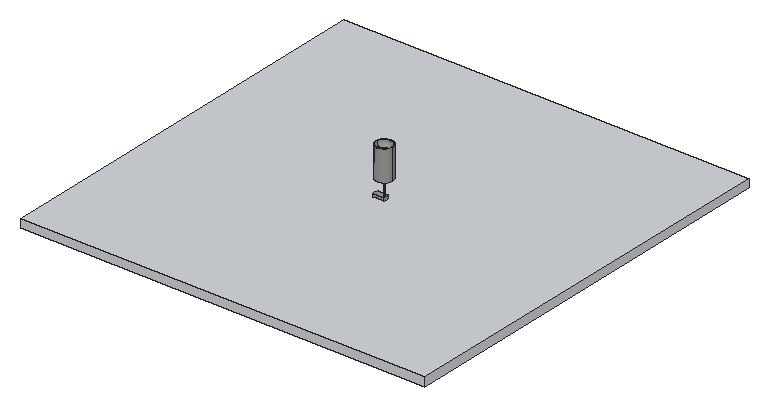
Revit family "LAMP_KOMBIC 100 SURFACE SUSPENDED TRACK 2500 CRI80 OPAL DALI", category Luminarias, Revit 2018
Family settings
  Anfitrión = Cara
  Cota de conector redondo = Diámetro de uso
  Tipo de pieza = Normal
  Corte con vacíos al cargar = No
  Origen de luz = Sí
  Compartido = No
  Punto de cálculo de habitación = No
Parameters (values of type "1867LM 3000K  M/B")
  Ángulo de inclinación = -90.00°
  Weight = 0.498 kg
  UGR = ""
  Type = "COB PHILIPS"
  Protection rating = "IP40"
  Product datasheet = "http://www.lamp.es/product-files/TECH/K11ST2540OP830NMB-EN.pdf"
  Product code = "K11ST2540OP830DMB"
  Product URL = "https://www.lamp.es/en/family/kombic-surface_474354"
  Power Supply = "220-240V 50/60Hz"
  Power = 17 W
  Plum = 20.4 W
  Modelo = Product code  # "K11ST2540OP830DMB"
  Model explanation = "Possibility to modify the lenght of the suspension cable up to 1m"
  Material reflector = LAMP_PC Reflector Kombic Metalizado Mate
  Material floron = LAMP_Plástico genérico NG
  Material difusor = LAMP_PMMA Difusor Kombic
  Material cuerpo = LAMP_Plástico genérico NG
  Material cable suspension = LAMP_Acero genérico
  Manufacturer name = "LAMP"
  Manufacturer country = "Spain"
  Manufacturer URL = "http://www.lamp.es/en"
  MacAdam = "3"
  Luminaire type = "Track"
  Last update = "28/07/2021"
  Lamp = "COB LED"
  LED Lifetime = "50.000 L80 B10"
  Insulation class = "I"
  Installation instructions = "https://www.lamp.es/product-files/packed/by-family/474354_INS_all.zip"
  IEE = "A+"
  Wattage = 20.4 W
  built-in parameter 1150107 = 3000 (stored number, unit not read)
  built-in parameter 1150110 = 1 (stored number, unit not read)
  built-in parameter 1150109 = 1 (stored number, unit not read)
  built-in parameter 1150112 = 1 (stored number, unit not read)
  built-in parameter 1150113 = 1 (stored number, unit not read)
  built-in parameter 1114218 = 1 (stored number, unit not read)
  built-in parameter 1150137 = (empty or 0)
  built-in parameter 1150132 = 2
  built-in parameter 1150105 = 1670.3 (stored number, unit not read)
  built-in parameter 1150102 = (empty or 0)
  built-in parameter 1150106 = 16.703 (stored number, unit not read)
  Height suspension [instance] = 100 mm
  Height distance [instance] = if(Height suspension > 1 mm, if(Height suspension < 1000 mm, Height suspension, 1000 mm), 1 mm)  # 100 mm
  Height = 180 mm
  Gear = "Electronic"
  Lumens = 1866.6 lm
  Finish = "Matte black RAL 9011"
  Color Filter = 16777215
  built-in parameter 1114217 = 1 (stored number, unit not read)
  built-in parameter 1150139 = (empty or 0)
  Fabricante = Manufacturer name  # "LAMP"
  Default Elevation = 1219.2 mm
  built-in parameter 1150104 = 8.5006 (stored number, unit not read)
  Efficacy = 91.5 lm/W
  Diameter = 100 mm
  built-in parameter 1150115 = 1 (stored number, unit not read)
  built-in parameter 1150114 = 1 (stored number, unit not read)
  built-in parameter 1150138 = (empty or 0)
  built-in parameter 1150134 = (empty or 0)
  Dimming Lamp Color Temperature Shift = (empty or 0)
  CRI = "80"
  Archivo de red fotométrica = "K11rd2540OP830NMw.IES"
  built-in parameter 1150133 = 10 (stored number, unit not read)
Types (12, lengths in mm): name | Product datasheet | Product code | Modelo | Material reflector | Material cuerpo | Wattage | built-in parameter 1150107 | built-in parameter 1150105 | built-in parameter 1150106 | Lumens | Finish | built-in parameter 1150104 | Efficacy | built-in parameter 1150134 | Archivo de red fotométrica
  1867LM 3000K  M/B | "http://www.lamp.es/product-files/TECH/K11ST2540OP830NMB-EN.pdf" | "K11ST2540OP830DMB" | "K11ST2540OP830DMB" | LAMP_PC Reflector Kombic Metalizado Mate | LAMP_Plástico genérico NG | 20.4 W | 3000 (stored number, unit not read) | 1670.3 (stored number, unit not read) | 16.703 (stored number, unit not read) | 1866.6 lm | "Matte black RAL 9011" | 8.5006 (stored number, unit not read) | 91.5 lm/W | (empty or 0) | "K11rd2540OP830NMw.IES"
  1867LM 3000K  M/W | "http://www.lamp.es/product-files/TECH/K11ST2540OP830NMW-EN.pdf" | "K11ST2540OP830DMW" | "K11ST2540OP830DMW" | LAMP_PC Reflector Kombic Metalizado Mate | LAMP_Plástico genérico BL | 20.4 W | 3000 (stored number, unit not read) | 1670.3 (stored number, unit not read) | 16.703 (stored number, unit not read) | 1866.6 lm | "Matte Traffic white RAL 9016" | 8.5006 (stored number, unit not read) | 91.5 lm/W | (empty or 0) | "K11rd2540OP830NMW.IES"
  1951LM 3000K  W/B | "http://www.lamp.es/product-files/TECH/K11ST2540OP830NWB-EN.pdf" | "K11ST2540OP830DWB" | "K11ST2540OP830DWB" | LAMP_PC Reflector Kombic Blanco | LAMP_Plástico genérico NG | 20.4 W | 3000 (stored number, unit not read) | 1745.1 (stored number, unit not read) | 17.451 (stored number, unit not read) | 1950.24 lm | "Matte black RAL 9011" | 8.8815 (stored number, unit not read) | 95.6 lm/W | (empty or 0) | "K11rd2540OP830NWw.IES"
  1951LM 3000K  W/W | "http://www.lamp.es/product-files/TECH/K11ST2540OP830NWW-EN.pdf" | "K11ST2540OP830DWW" | "K11ST2540OP830DWW" | LAMP_PC Reflector Kombic Blanco | LAMP_Plástico genérico BL | 20.4 W | 3000 (stored number, unit not read) | 1745.1 (stored number, unit not read) | 17.451 (stored number, unit not read) | 1950.24 lm | "Matte Traffic white RAL 9016" | 8.8815 (stored number, unit not read) | 95.6 lm/W | (empty or 0) | "K11rd2540OP830NWW.IES"
  1959LM 3000K  BR/B | "http://www.lamp.es/product-files/TECH/K11ST2540OP830NRB-EN.pdf" | "K11ST2540OP830DRB" | "K11ST2540OP830DRB" | LAMP_PC Reflector Kombic Metalizado Brillante | LAMP_Plástico genérico NG | 20.4 W | 3000 (stored number, unit not read) | 1752.4 (stored number, unit not read) | 17.524 (stored number, unit not read) | 1958.4 lm | "Matte black RAL 9011" | 8.9187 (stored number, unit not read) | 96 lm/W | (empty or 0) | "K11rd2540OP830NRw.IES"
  1959LM 3000K  BR/W | "http://www.lamp.es/product-files/TECH/K11ST2540OP830NRW-EN.pdf" | "K11ST2540OP830DRW" | "K11ST2540OP830DRW" | LAMP_PC Reflector Kombic Metalizado Brillante | LAMP_Plástico genérico BL | 20.4 W | 3000 (stored number, unit not read) | 1752.4 (stored number, unit not read) | 17.524 (stored number, unit not read) | 1958.4 lm | "Matte Traffic white RAL 9016" | 8.9187 (stored number, unit not read) | 96 lm/W | (empty or 0) | "K11rd2540OP830NRW.IES"
  1978LM 4000K  M/B | "http://www.lamp.es/product-files/TECH/K11ST2540OP840NMB-EN.pdf" | "K11ST2540OP840DMB" | "K11ST2540OP840DMB" | LAMP_PC Reflector Kombic Metalizado Mate | LAMP_Plástico genérico NG | 20.4 W | 4000 (stored number, unit not read) | 1770.7 (stored number, unit not read) | 17.707 (stored number, unit not read) | 1978.8 lm | "Matte black RAL 9011" | 9.0116 (stored number, unit not read) | 97 lm/W | 12 | "K11rd2540OP840NMw.IES"
  1978LM 4000K  M/W | "http://www.lamp.es/product-files/TECH/K11ST2540OP840NMW-EN.pdf" | "K11ST2540OP840DMW" | "K11ST2540OP840DMW" | LAMP_PC Reflector Kombic Metalizado Mate | LAMP_Plástico genérico BL | 20.4 W | 4000 (stored number, unit not read) | 1770.7 (stored number, unit not read) | 17.707 (stored number, unit not read) | 1978.8 lm | "Matte Traffic white RAL 9016" | 9.0116 (stored number, unit not read) | 97 lm/W | 12 | "K11rd2540OP840NMW.IES"
  2067LM 4000K  W/B | "http://www.lamp.es/product-files/TECH/K11ST2540OP840NWB-EN.pdf" | "K11ST2540OP840DWB" | "K11ST2540OP840DWB" | LAMP_PC Reflector Kombic Blanco | LAMP_Plástico genérico NG | 20.4 W | 4000 (stored number, unit not read) | 1849.2 (stored number, unit not read) | 18.492 (stored number, unit not read) | 2066.52 lm | "Matte black RAL 9011" | 9.4111 (stored number, unit not read) | 101.3 lm/W | 12 | "K11rd2540OP840NWw.IES"
  2067LM 4000K  W/W | "http://www.lamp.es/product-files/TECH/K11ST2540OP840NWW-EN.pdf" | "K11ST2540OP840DWW" | "K11ST2540OP840DWW" | LAMP_PC Reflector Kombic Blanco | LAMP_Plástico genérico BL | 20.4 W | 4000 (stored number, unit not read) | 1849.2 (stored number, unit not read) | 18.492 (stored number, unit not read) | 2066.52 lm | "Matte Traffic white RAL 9016" | 9.4111 (stored number, unit not read) | 101.3 lm/W | 12 | "K11rd2540OP840NWW.IES"
  2075LM 4000K  BR/B | "http://www.lamp.es/product-files/TECH/K11ST2540OP840NRB-EN.pdf" | "K11ST2540OP840DRB" | "K11ST2540OP840DRB" | LAMP_PC Reflector Kombic Metalizado Brillante | LAMP_Plástico genérico NG | 20.4 W | 4000 (stored number, unit not read) | 1856.5 (stored number, unit not read) | 18.565 (stored number, unit not read) | 2074.68 lm | "Matte black RAL 9011" | 9.4482 (stored number, unit not read) | 101.7 lm/W | 12 | "K11rd2540OP840NRw.IES"
  2075LM 4000K  BR/W | "http://www.lamp.es/product-files/TECH/K11ST2540OP840NRW-EN.pdf" | "K11ST2540OP840DRW" | "K11ST2540OP840DRW" | LAMP_PC Reflector Kombic Metalizado Brillante | LAMP_Plástico genérico BL | 13.4 W | 4000 (stored number, unit not read) | 1245.8 (stored number, unit not read) | 12.458 (stored number, unit not read) | 1392.26 lm | "Matte Traffic white RAL 9016" | 9.6526 (stored number, unit not read) | 101.7 lm/W | 12 | "K11rd2040OP830NMw.IES"
Reference planes
  plane 1 "Centro (Frontal/Posterior)": y = 0
  plane 2: z = 0
  plane 3 "Centro (Izquierda/Derecha)": x = 0
Forms (mm)
  Extrusion 1, solid
    sketch origin (0, 0, 0) x (1, 0, 0) y (0, 1, 0)
      loop
        line (-1219.2, 1219.2) -> (-1219.2, -1219.2) -> (1219.2, -1219.2) -> (1219.2, 1219.2) -> (-1219.2, 1219.2)
    from 0 to -50
  Extrusion 2, solid, material "LAMP_Plástico genérico NG" <- "Material cuerpo"
    sketch origin (0, 0, 0) x (1, 0, 0) y (0, 1, 0)
      loop
        circle (0, 0) r 50
    from 114 to 294
  Extrusion 3, void
    sketch origin (0, 0, 0) x (1, 0, 0) y (0, 1, 0)
      loop
        circle (0, 0) r 48
    from 190.273 to 294
  Sweep 4, solid, material "LAMP_PC Reflector Kombic Metalizado Mate" <- "Material reflector"
    path origin (105.103, -251.845, 294) x (1, 0, 0) y (0, 1, 0)
      loop
        circle (-105.103, 251.959) r 48
    profile origin (0, 48.114, 294) x (0, -1, 0) y (0, 0, 1)
      loop
        arc (0, 0) -> (6.616, -20.646) -> (24, -33.6) r 35.52
        line (24, -33.6) -> (24, -32.6)
        arc (24, -32.6) -> (7.196, -20.217) -> (2, 0) r 31.112
        line (2, 0) -> (0, 0)
  Extrusion 5, solid, material "LAMP_PMMA Difusor Kombic" <- "Material difusor"
    sketch origin (0, 0, 0) x (1, 0, 0) y (0, 1, 0)
      loop
        circle (0, 0) r 24
    from 260.4 to 261.4
  Extrusion 6, solid, material "LAMP_Plástico genérico NG" <- "Material cuerpo"
    sketch origin (0, 0, 0) x (1, 0, 0) y (0, 1, 0)
      loop
        arc (-54.442, 16) -> (-58.313, 0) -> (-54.442, -16) r 35
        line (-54.442, -16) -> (7.815, -16)
        arc (7.815, -16) -> (11.687, 0) -> (7.815, 16) r 35
        line (7.815, 16) -> (-54.442, 16)
    from -26 to 14
  Extrusion 7, void
    sketch origin (0, 0, 0) x (0, 1, 0) y (0, 0, 1)
      loop
        line (17, 0) -> (7, 0) -> (7, -25) -> (-7, -25) -> (-7, 0) -> (-17, 0) -> (-17, -26) -> (17, -26) -> (17, 0)
    from -59.309 to 12.887
  Extrusion 8, solid
    sketch origin (0, 0, 0) x (1, 0, 0) y (0, 1, 0)
      loop
        circle (0, 0) r 1
    from 14 to 114
Cuts and joins
  Extrusion 3 cuts Extrusion 2
  Extrusion 7 cuts Extrusion 6
Text (mm)
  text "Any modification of the parameters and properties of the LAMP BIM models must be executed and validated by the LAMP technical department.\nPhone: +34 93 736 68 00\nE-mail: lamp@lamp.es\n\nLAMP reserves the right to modify the technical specifications of its products." at (1856.491, -4316.333, -2622.127), in view "Preview"
Dimensions and locks
  locked: Extrusion 2 to Extrusion 2 at 180
  locked: cut or joined group of Extrusion 2, Extrusion 3 to cut or joined group of Extrusion 2, Extrusion 3 at 103.727
  "Height distance": cut or joined group of Extrusion 2, Extrusion 3 to cut or joined group of Extrusion 6, Extrusion 7
  locked: cut or joined group of Extrusion 6, Extrusion 7 to Extrusion 1 at 14
  aligned and locked: plane 2 to Extrusion 1
  aligned and locked: level to Extrusion 1
  aligned and locked: Extrusion 2 to Extrusion 3
  aligned and locked: Sweep 4 to Extrusion 5
  aligned and locked: Extrusion 5 to Sweep 4
  aligned and locked: imposter light to cut or joined group of Extrusion 2, Extrusion 3
  aligned and locked: Extrusion 8 to cut or joined group of Extrusion 6, Extrusion 7
  aligned and locked: cut or joined group of Extrusion 2, Extrusion 3 to Extrusion 8
Automatic sketch dimensions
  Extrusion 1 sketch curve to Extrusion 1 sketch curve = 2438.4 mm  (x2)
  plane 1 "Centro (Frontal/Posterior)" to Extrusion 2 sketch curve = 0 mm
  Extrusion 2 sketch curve to plane 3 "Centro (Izquierda/Derecha)" = 0 mm
  plane 1 "Centro (Frontal/Posterior)" to Extrusion 3 sketch curve = 0 mm
  Extrusion 3 sketch curve to plane 3 "Centro (Izquierda/Derecha)" = 0 mm
  Sweep 4 sketch curve to profile plane = 0 mm  (x2)
  Sweep 4 sketch curve to Sweep 4 sketch curve = 2 mm
  Sweep 4 sketch curve to profile plane = 24 mm
  Sweep 4 sketch curve to profile plane = 2.814 mm
  Sweep 4 sketch curve to Sweep 4 sketch curve = 8.984 mm
  Sweep 4 sketch curve to Sweep 4 sketch curve = 2.536 mm
  plane 1 "Centro (Frontal/Posterior)" to Extrusion 5 sketch curve = 0 mm
  Extrusion 5 sketch curve to plane 3 "Centro (Izquierda/Derecha)" = 0 mm
  Extrusion 6 sketch curve to Extrusion 6 sketch curve = 0 mm  (x2)
  plane 1 "Centro (Frontal/Posterior)" to Extrusion 6 sketch curve = 0 mm
  Extrusion 6 sketch curve to plane 1 "Centro (Frontal/Posterior)" = 16 mm
  Extrusion 6 sketch curve to plane 3 "Centro (Izquierda/Derecha)" = 54.442 mm
  plane 1 "Centro (Frontal/Posterior)" to Extrusion 6 sketch curve = 16 mm
  Extrusion 6 sketch curve to plane 3 "Centro (Izquierda/Derecha)" = 23.313 mm
  plane 3 "Centro (Izquierda/Derecha)" to Extrusion 6 sketch curve = 7.815 mm
  Extrusion 7 sketch curve to level = 0 mm  (x2)
  plane 1 "Centro (Frontal/Posterior)" to Extrusion 7 sketch curve = 17 mm
  plane 1 "Centro (Frontal/Posterior)" to Extrusion 7 sketch curve = 7 mm
  Extrusion 7 sketch curve to plane 1 "Centro (Frontal/Posterior)" = 7 mm
  Extrusion 7 sketch curve to Extrusion 7 sketch curve = 10 mm
  Extrusion 7 sketch curve to Extrusion 7 sketch curve = 25 mm
  Extrusion 7 sketch curve to Extrusion 7 sketch curve = 1 mm
  plane 1 "Centro (Frontal/Posterior)" to Extrusion 8 sketch curve = 0 mm
  Extrusion 8 sketch curve to plane 3 "Centro (Izquierda/Derecha)" = 0 mm
  radius of Extrusion 2 sketch curve = 50 mm
  radius of Extrusion 3 sketch curve = 48 mm
  radius of Sweep 4 sketch curve = 48 mm
  radius of Extrusion 5 sketch curve = 24 mm
  radius of Extrusion 8 sketch curve = 1 mm
Connectors
  electrical at (0, 0, 114)
    settings: on cut or joined group of Extrusion 2, Extrusion 3, index 1, voltage 230 V, apparent load 0 VA, apparent load phase1 0 VA, apparent load phase2 0 VA, apparent load phase3 0 VA, power factor 1, load classification "Otro", number of poles 1, system type 31, power factor state 1, is connector primary yes, connector utility no, sub classification motor no, connector description ""
